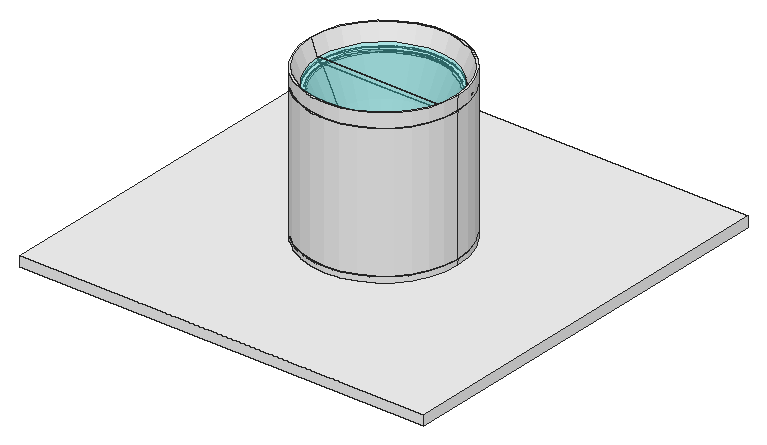
Revit family "BE_24422_de_DE", category Leuchten, Revit 2020
Family settings
  Basisbauteil = Fläche
  Bemaßung runder Anschluss = Durchmesser verwenden
  Teiletyp = Normal
  Beim Laden mit Abzugskörper schneiden = Ja
  Lichtquelle = Ja
  Gemeinsam genutzt = Nein
  Raumberechnungspunkt = Ja
Parameters (values of type "BEGA_24422_Weiß_K4")
  built-in parameter 1150104 = 11.984 (stored number, unit not read)
  Wattage = 24.1 W
  Default Elevation = 0 mm
  built-in parameter 1150113 = 1 (stored number, unit not read)
  built-in parameter 1114218 = 1 (stored number, unit not read)
  Umgebungstemperatur = "25 °C"
  URL = "https://www.bega.com/de/produkt/24422"
  Typenkommentare = "© 2022 BEGA. Wir behalten uns das Recht vor, technische Änderungen ohne vorherige Ankündigung vorzunehmen."  # constant formula
  Type Image = 24422.png
  built-in parameter 1150134 = 12
  built-in parameter 1150109 = 1 (stored number, unit not read)
  Strom = "0,7 A"
  built-in parameter 1150110 = 1 (stored number, unit not read)
  Spannung = 239.996 V
  Sonderanfertigung = no
  Seriennummer [instance] = "Hier können Sie die eindeutige Seriennummer für das Facility Management eintragen."
  Schutzklasse = "I"
  Schutzart = "IP 65"
  Scheinlast = 0 VA
  Produktdatenblatt = "https://cdn.bega.com/bega/products/24422WK4/current/documents/data-sheets/de"
  Oberflächentemperatur = ""
  Neigungswinkel = 0.00°
  Modell = "24422WK4"
  Material_17 = BEGA_Reflektor
  Material_15 = BEGA_Leuchtmedium_matt
  Material_11 = BEGA_Glas_opal
  Material_09 = BEGA_Glas_klar
  Material_06 = BEGA_Oberfläche_Edelstahl_gebürstet
  Material_03 = BEGA_Oberfläche_Weiss_matt
  Material_02 = BEGA_Oberfläche_Silber_matt
  Material_01 [instance] = BEGA_Oberfläche_Grafit_matt
  M_W = yes
  M_G = no
  M_A = no
  Logo = 0
  built-in parameter 1114217 = 1 (stored number, unit not read)
  built-in parameter 1150139 = (empty or 0)
  built-in parameter 1150105 = 247.4 (stored number, unit not read)
  built-in parameter 1150114 = 1 (stored number, unit not read)
  Lumens = 3108.9 lm
  built-in parameter 1150115 = 1 (stored number, unit not read)
  Leuchtenlichtstrom = "2933 lm"
  Leuchtenanzahl = ""
  Lebensdauerkriterien = "L70B50 @ 25 °C = 170000 h"
  Lastklassifizierung = Beleuchtung
  built-in parameter 1150112 = 1 (stored number, unit not read)
  Lampenlichtstrom = "4010 lm"
  Lampe = "LED 24.1 W"
  LED_Modulbezeichnung = "LED-0800/840"
  Hersteller = "BEGA"  # constant formula
  Halbstreuwinkel = ""
  Gewicht = "1.7 kg"
  Gebrauchslageneinschränkung [instance] = ""
  Frequenz = "0/50-60 Hz"
  Farbwiedergabeindex = "CRI > 80"
  Farbtemperaturverschiebung bei Dämpfen der Lampe = <Keine Auswahl>
  Farbtemperatur = "4000 K"
  Color Filter = 16777215
  built-in parameter 1150133 = 10 (stored number, unit not read)
  Energieeffizienzklasse = "LED A++ - A"
  built-in parameter 1150137 = (empty or 0)
  built-in parameter 1150132 = (empty or 0)
  ENEC = "ja"
  Dimmbar [instance] = "DALI"
  Datei für fotometrisches Netz = "BE_24422K4.IES"
  CE_Konformität = "ja"
  Bestellnummer = "24422WK4"
  Beschreibung_Sonderanfertigung = "Hier können Sie Informationen zur Sonderanfertigung eintragen."
  Beschreibung = "Deckenaufbau-Tiefstrahler"
  built-in parameter 1150106 = 2.474 (stored number, unit not read)
  Befestigungsbohrung = "Ø 4,3 mm"
  Befestigungsabstand = "123 mm"
  Ballwurfsicher = ""
  BEGA_Intern_aus = yes
  BEGA_Intern_an = yes
  BEGA_Intern_Konstruktion = yes
  BEGA_Intern = yes
  BEGA_IES = yes
  BEGA_Dummy = no
  Anschlussleitung = ""
  Anschlussleistung [instance] = "27 W"
  Anschlusskasten = ""
  built-in parameter 1150107 = 4000 (stored number, unit not read)
  built-in parameter 1150102 = (empty or 0)
  built-in parameter 1150138 = (empty or 0)
  Aktualisierung = "2022-05-18T04:00:07"
  Abstand_zur_angestrahlten_Fläche [instance] = ""
  AC/DC = "AC/DC"
Types (4, lengths in mm): name | built-in parameter 1150104 | built-in parameter 1150134 | Modell | M_W | M_G | built-in parameter 1150105 | Lumens | Leuchtenlichtstrom | Lampenlichtstrom | LED_Modulbezeichnung | Farbtemperatur | Datei für fotometrisches Netz | Bestellnummer | built-in parameter 1150106 | built-in parameter 1150107
  BEGA_24422_Weiß_K4 | 11.984 (stored number, unit not read) | 12 | "24422WK4" | yes | no | 247.4 (stored number, unit not read) | 3108.9 lm | "2933 lm" | "4010 lm" | "LED-0800/840" | "4000 K" | "BE_24422K4.IES" | "24422WK4" | 2.474 (stored number, unit not read) | 4000 (stored number, unit not read)
  BEGA_24422_Weiß_K3 | 11.706 (stored number, unit not read) | (empty or 0) | "24422WK3" | yes | no | 241.64 (stored number, unit not read) | 3036.6 lm | "2860 lm" | "3910 lm" | "LED-0800/830" | "3000 K" | "BE_24422K3.IES" | "24422WK3" | 2.4164 (stored number, unit not read) | 3000 (stored number, unit not read)
  BEGA_24422_Grafit_K4 | 11.984 (stored number, unit not read) | 12 | "24422K4" | no | yes | 247.4 (stored number, unit not read) | 3108.9 lm | "2933 lm" | "4010 lm" | "LED-0800/840" | "4000 K" | "BE_24422K4.IES" | "24422K4" | 2.474 (stored number, unit not read) | 4000 (stored number, unit not read)
  BEGA_24422_Grafit_K3 | 11.706 (stored number, unit not read) | (empty or 0) | "24422K3" | no | yes | 241.64 (stored number, unit not read) | 3036.6 lm | "2860 lm" | "3910 lm" | "LED-0800/830" | "3000 K" | "BE_24422K3.IES" | "24422K3" | 2.4164 (stored number, unit not read) | 3000 (stored number, unit not read)
Reference planes
  plane 1 "Mitte (Vorne/Hinten)": y = 0
  plane 2: z = 0
  plane 3 "Mitte (Links/Rechts)": x = 0
  plane 4 "Links": x = -73.502
  plane 5 "Rechts": x = 73.5
  plane 6 "Unten": y = -73.507
  plane 7 "Oben": y = 73.524
  plane 8 "Vorne": z = 150.379
  plane 9 "Hinten": z = 0
Forms (mm)
  Extrusion 1, solid, material "BEGA_Platte_Weiss"
    sketch origin (0, -1119.2, 0) x (1, 0, 0) y (0, 1, 0)
      loop
        line (-200, 1319.2) -> (-200, 919.2) -> (200, 919.2) -> (200, 1319.2) -> (-200, 1319.2)
    from 0 to -10
  Extrusion 2, solid, material "BEGA_Dummy_matt", visible <- "BEGA_Dummy"
    sketch origin (77.149, -76.023, 0) x (1, 0, 0) y (0, 1, 0)
      loop
        circle (-77.149, 76.023) r 73.527
    from 0 to 150.379
Dimensions and locks
  plane 1 "Mitte (Vorne/Hinten)" to Extrusion 1 = 200 mm
  aligned and locked: plane 2 to Extrusion 1
  aligned and locked: level to Extrusion 1
Nested families
  nested 1: "BE_24422" at (0, 0, 0), type "BE_24422"
Connectors
  electrical at (0, 0, 0), driven by "Lastklassifizierung", driven by "Spannung", driven by "Scheinlast"
    settings: index 1, voltage 239.996 V, apparent load 0 VA, apparent load phase1 0 VA, apparent load phase2 0 VA, apparent load phase3 0 VA, power factor 1, load classification "Beleuchtung", number of poles 1, system type 31, power factor state 1, is connector primary yes, connector utility no, sub classification motor no, connector description ""
Definition of nested family "BE_24422"
  Parameters (values of type "BE_24422")
    Default Elevation = 1 mm
    URL = "http://www.bega.de/de/produkt"
    Type Comments = "© 2015 BEGA. Wir behalten uns das Recht vor, technische Änderungen ohne vorherige Ankündigung vorzunehmen. "  # constant formula
    Type Image = (empty or 0)
    Neigungswinkel_um_Z2 = 0.00°
    Neigungswinkel_um_Z1 = 0.00°
    Neigungswinkel_um_Y2 = 0.00°
    Neigungswinkel_um_Y1 = 0.00°
    Neigungswinkel_um_X2 = 0.00°
    Neigungswinkel_um_X1 = 0.00°
    Material_17 = none
    Material_15 = none
    Material_11 = none
    Material_09 = none
    Material_06 = none
    Material_03 = none
    Material_02 = none
    Material_01 = none
    M_W = yes
    M_G = yes
    M_A = yes
    Länge_Platte = 200 mm  # constant formula
    Höhe_Platte = -10 mm  # constant formula
    Manufacturer = "BEGA"  # constant formula
    Drehwinkel_um_Z2 = 0.00°
    Drehwinkel_um_Z1 = 0.00°
    Breite_Platte = 200 mm  # constant formula
  Reference planes
    plane 1 "Mitte (Oben/Unten)": y = 0
    plane 2: z = 0
    plane 3 "Mitte (Links/Rechts)": x = 0
    plane 4 "Hinten": z = -40
    plane 5 "Links": x = -73.502
    plane 6 "Oben": y = 73.524
    plane 7 "Unten": y = -73.507
    plane 8: z = 150.2
    plane 9: x = 73.5
  Forms (mm)
    Extrusion 1, solid, detail levels medium
      sketch origin (0, 0, 0) x (1, 0, 0) y (0, 1, 0)
        loop
          line (-100, 100) -> (-100, -100) -> (100, -100) -> (100, 100) -> (-100, 100)
      from 0 to -10 <- "Höhe_Platte"
    Revolve 2, solid, material <- "Material_01", visible <- "M_G"
      sketch origin (0, 0, 0) x (1, 0, 0) y (0, 0, 1)
        loop
          line (-73.5, 136.2) -> (-73.5, 6) -> (-72.592, 6) -> (-71.5, 9) -> (-71.5, 24.964) -> (-63.501, 24.964) -> (-62.435, 55.5) -> (0, 55.5) -> (0, 60.5) -> (-61.52, 60.5) -> (-63.5, 117.2) -> (-71.5, 117.2) -> (-71.5, 133.2) -> (-72.592, 136.2) -> (-73.5, 136.2)
        axis (0, 6) -> (0, 136.2)
      angle from 0 to 360
    Revolve 3, solid, material <- "Material_17"
      sketch origin (0, 0, 0) x (1, 0, 0) y (0, 0, 1)
        loop
          arc (-61.084, 127.6) -> (-45.934, 95.233) -> (-27.286, 64.746) r 321.6
          arc (-27.286, 64.746) -> (-26.772, 64.283) -> (-26.105, 64.1) r 1.5
          line (-26.105, 64.1) -> (-25.035, 64.1) -> (-22.5, 64.1) -> (-22.5, 65.2)
          arc (-22.5, 65.2) -> (-22.646, 65.554) -> (-23, 65.7) r 0.5
          line (-23, 65.7) -> (-25.969, 65.7)
          arc (-25.969, 65.7) -> (-44.763, 96.49) -> (-59.972, 129.2) r 319.974
          line (-59.972, 129.2) -> (-64.916, 129.2) -> (-65, 127.6) -> (-61.084, 127.6)
        axis (0, 64.1) -> (0, 129.2)
      angle from 0 to 360
    Revolve 4, solid, material <- "Material_01", visible <- "M_G"
      sketch origin (0, 0, 0) x (1, 0, 0) y (0, 0, 1)
        loop
          line (-73.5, 150.2) -> (-73.5, 137.217) -> (-71.384, 136.994) -> (-69.5, 133.468) -> (-70.5, 132.891) -> (-70.5, 124.35) -> (-68.578, 123.7) -> (-66.339, 123.7) -> (-66.152, 129.2) -> (-62.553, 129.2)
          arc (-62.553, 129.2) -> (-61.858, 129.481) -> (-61.554, 130.166) r 1
          line (-61.554, 130.166) -> (-61.517, 131.2) -> (-64.965, 131.2) -> (-65, 132.2) -> (-72, 150.2) -> (-73.5, 150.2)
        axis (0, 123.7) -> (0, 150.2)
      angle from 0 to 360
    Revolve 5, solid, material <- "Material_15"
      sketch origin (0, 0, 0) x (1, 0, 0) y (0, 0, 1)
        loop
          line (-16, 60.5) -> (0, 60.5) -> (0, 62.05) -> (-16, 62.05) -> (-16, 60.5)
        axis (0, 60.5) -> (0, 62.05)
      angle from 0 to 360
    Revolve 6, solid, material <- "Material_09"
      sketch origin (0, 0, 0) x (1, 0, 0) y (0, 0, 1)
        loop
          line (-64.5, 135.8) -> (-64.5, 131.7) -> (0, 131.7) -> (0, 135.8) -> (-64.5, 135.8)
        axis (0, 131.7) -> (0, 135.8)
      angle from 0 to 360
    Revolve 7, solid, material <- "Material_03", visible <- "M_W"
      sketch origin (0, 0, 0) x (1, 0, 0) y (0, 0, 1)
        loop
          line (-73.5, 136.2) -> (-73.5, 6) -> (-72.592, 6) -> (-71.5, 9) -> (-71.5, 24.964) -> (-63.501, 24.964) -> (-62.435, 55.5) -> (0, 55.5) -> (0, 60.5) -> (-61.52, 60.5) -> (-63.5, 117.2) -> (-71.5, 117.2) -> (-71.5, 133.2) -> (-72.592, 136.2) -> (-73.5, 136.2)
        axis (0, 6) -> (0, 136.2)
      angle from 0 to 360
    Revolve 8, solid, material <- "Material_03", visible <- "M_W"
      sketch origin (0, 0, 0) x (1, 0, 0) y (0, 0, 1)
        loop
          line (-73.5, 150.2) -> (-73.5, 137.217) -> (-71.384, 136.994) -> (-69.5, 133.468) -> (-70.5, 132.891) -> (-70.5, 124.35) -> (-68.578, 123.7) -> (-66.339, 123.7) -> (-66.152, 129.2) -> (-62.553, 129.2)
          arc (-62.553, 129.2) -> (-61.858, 129.481) -> (-61.554, 130.166) r 1
          line (-61.554, 130.166) -> (-61.517, 131.2) -> (-64.965, 131.2) -> (-65, 132.2) -> (-72, 150.2) -> (-73.5, 150.2)
        axis (0, 123.7) -> (0, 150.2)
      angle from 0 to 360
    Revolve 9, solid, material <- "Material_01", visible <- "M_G"
      sketch origin (0, 0, 0) x (1, 0, 0) y (0, 0, 1)
        loop
          line (-66.29, 17) -> (0, 17) -> (0, 20) -> (-70.5, 20) -> (-70.5, 5.299) -> (-73.502, 4.983) -> (-73.502, 0) -> (-66.884, 0) -> (-66.29, 17)
        axis (0, 0) -> (0, 20)
      angle from 0 to 360
    Extrusion 10, solid, material <- "Material_01", visible <- "M_G"
      sketch origin (0, 0, 0) x (1, 0, 0) y (0, 1, 0)
        loop
          circle (-61.5, 0) r 2.233
        loop
          circle (-61.5, 0) r 6.309
        loop
          circle (61.5, 0) r 2.233
        loop
          circle (61.5, 0) r 6.309
      from 0 to 24.964
    Revolve 11, solid, material <- "Material_03", visible <- "M_W"
      sketch origin (0, 0, 0) x (1, 0, 0) y (0, 0, 1)
        loop
          line (-66.29, 17) -> (0, 17) -> (0, 20) -> (-70.5, 20) -> (-70.5, 5.299) -> (-73.502, 4.983) -> (-73.502, 0) -> (-66.884, 0) -> (-66.29, 17)
        axis (0, 0) -> (0, 20)
      angle from 0 to 360
    Extrusion 12, solid, material <- "Material_03", visible <- "M_W"
      sketch origin (0, 0, 0) x (1, 0, 0) y (0, 1, 0)
        loop
          circle (-61.5, 0) r 2.233
        loop
          circle (-61.5, 0) r 6.309
        loop
          circle (61.5, 0) r 2.233
        loop
          circle (61.5, 0) r 6.309
      from 0 to 24.964
    Extrusion 13, void
      sketch origin (0, 0, 0) x (1, 0, 0) y (0, 1, 0)
        loop
          circle (-20, -46) r 7.197
        loop
          circle (-20, 46) r 7.197
      from 0 to 24.964
  Cuts and joins
    Extrusion 13 cuts Revolve 9
    Extrusion 13 cuts Extrusion 10
    joined: Revolve 9, Extrusion 10
    Extrusion 13 cuts Revolve 11
    Extrusion 13 cuts Extrusion 12
    joined: Revolve 11, Extrusion 12
    Extrusion 13 cuts Revolve 2
    Extrusion 13 cuts Revolve 3
    Extrusion 13 cuts Revolve 6
    Extrusion 13 cuts Revolve 7
  Dimensions and locks
    equal spacing: Extrusion 1 sketch curve, plane 3 "Mitte (Links/Rechts)", Extrusion 1 sketch curve
    equal spacing: Extrusion 1 sketch curve, plane 1 "Mitte (Oben/Unten)", Extrusion 1 sketch curve
    "Länge_Platte": Extrusion 1 sketch curve to Extrusion 1 sketch curve
    "Breite_Platte": Extrusion 1 sketch curve to Extrusion 1 sketch curve
    aligned and locked: plane 2 to Extrusion 1
    aligned and locked: level to Extrusion 1
  Automatic sketch dimensions
    Revolve 2 sketch curve to plane 3 "Mitte (Links/Rechts)" = 0 mm  (x2)
    Revolve 2 sketch curve to plane 3 "Mitte (Links/Rechts)" = 61.52 mm
    Revolve 2 sketch curve to Revolve 2 sketch curve = 0.915 mm
    Revolve 2 sketch curve to Revolve 2 sketch curve = 1.98 mm
    Revolve 2 sketch curve to Revolve 2 sketch curve = 1.066 mm
    level to Revolve 2 sketch curve = 9 mm
    Revolve 2 sketch curve to Revolve 2 sketch curve = 7.999 mm
    Revolve 2 sketch curve to Revolve 2 sketch curve = 8 mm
    Revolve 2 sketch curve to Revolve 2 sketch curve = 1.092 mm  (x2)
    level to Revolve 2 sketch curve = 6 mm
    Revolve 2 sketch curve to Revolve 2 sketch curve = 0.908 mm
    Revolve 2 sketch curve to Revolve 2 sketch curve = 15.964 mm
    level to Revolve 2 sketch curve = 55.5 mm
    Revolve 2 sketch curve to Revolve 2 sketch curve = 5 mm
    Revolve 2 sketch curve to Revolve 2 sketch curve = 56.7 mm
    Revolve 2 sketch curve to Revolve 2 sketch curve = 16 mm
    Revolve 2 sketch curve to Revolve 2 sketch curve = 3 mm
    Revolve 2 sketch curve to Revolve 2 sketch curve = 38.059 mm
    Revolve 2 sketch curve to Revolve 2 sketch curve = 10 mm
    Revolve 3 sketch curve to Revolve 3 sketch curve = 0 mm  (x4)
    Revolve 3 sketch curve to plane 3 "Mitte (Links/Rechts)" = 0 mm
    Revolve 3 sketch curve to plane 3 "Mitte (Links/Rechts)" = 22.5 mm
    Revolve 3 sketch curve to Revolve 3 sketch curve = 0.5 mm
    Revolve 3 sketch curve to Revolve 3 sketch curve = 2.035 mm
    Revolve 3 sketch curve to Revolve 3 sketch curve = 1.07 mm
    Revolve 3 sketch curve to plane 3 "Mitte (Links/Rechts)" = 59.972 mm
    Revolve 3 sketch curve to Revolve 3 sketch curve = 1.111 mm
    Revolve 3 sketch curve to Revolve 3 sketch curve = 3.833 mm
    Revolve 3 sketch curve to Revolve 3 sketch curve = 0.084 mm
    Revolve 3 sketch curve to Revolve 3 sketch curve = 1.1 mm
    Revolve 3 sketch curve to Revolve 3 sketch curve = 1.6 mm
    Revolve 3 sketch curve to Revolve 3 sketch curve = 2.969 mm
    Revolve 3 sketch curve to Revolve 3 sketch curve = 36.359 mm
    Revolve 3 sketch curve to Revolve 3 sketch curve = 5 mm
    Revolve 3 sketch curve to Revolve 3 sketch curve = 0.054 mm
    Revolve 3 sketch curve to Revolve 3 sketch curve = 1.499 mm
    Revolve 3 sketch curve to Revolve 3 sketch curve = 20.541 mm
    Revolve 4 sketch curve to plane 3 "Mitte (Links/Rechts)" = 0 mm
    Revolve 4 sketch curve to plane 3 "Mitte (Links/Rechts)" = 61.517 mm
    Revolve 4 sketch curve to Revolve 4 sketch curve = 0.036 mm
    Revolve 4 sketch curve to Revolve 4 sketch curve = 0.999 mm
    Revolve 4 sketch curve to Revolve 4 sketch curve = 2.412 mm
    Revolve 4 sketch curve to Revolve 4 sketch curve = 0.035 mm
    Revolve 4 sketch curve to Revolve 4 sketch curve = 1.187 mm
    Revolve 4 sketch curve to Revolve 4 sketch curve = 0.187 mm
    Revolve 4 sketch curve to Revolve 4 sketch curve = 2.239 mm
    Revolve 4 sketch curve to Revolve 4 sketch curve = 4.5 mm
    Revolve 4 sketch curve to Revolve 4 sketch curve = 1 mm  (x2)
    Revolve 4 sketch curve to Revolve 4 sketch curve = 1.884 mm
    Revolve 4 sketch curve to Revolve 4 sketch curve = 0.616 mm
    Revolve 4 sketch curve to Revolve 4 sketch curve = 2.116 mm
    Revolve 4 sketch curve to Revolve 4 sketch curve = 0.65 mm
    Revolve 4 sketch curve to Revolve 4 sketch curve = 5.5 mm
    Revolve 4 sketch curve to Revolve 4 sketch curve = 0.966 mm
    Revolve 4 sketch curve to Revolve 4 sketch curve = 1.034 mm
    Revolve 4 sketch curve to Revolve 4 sketch curve = 0.691 mm
    Revolve 4 sketch curve to Revolve 4 sketch curve = 0.577 mm
    Revolve 4 sketch curve to Revolve 4 sketch curve = 3.526 mm
    Revolve 4 sketch curve to Revolve 4 sketch curve = 0.222 mm
    Revolve 4 sketch curve to Revolve 4 sketch curve = 12.983 mm
    Revolve 4 sketch curve to Revolve 4 sketch curve = 10 mm
    Revolve 5 sketch curve to plane 3 "Mitte (Links/Rechts)" = 0 mm  (x2)
    Revolve 5 sketch curve to Revolve 5 sketch curve = 16 mm
    Revolve 5 sketch curve to Revolve 5 sketch curve = 0 mm
    level to Revolve 5 sketch curve = 60.5 mm
    Revolve 5 sketch curve to Revolve 5 sketch curve = 1.55 mm
    Revolve 5 sketch curve to Revolve 5 sketch curve = 10.335 mm
    Revolve 5 sketch curve to Revolve 5 sketch curve = 2.718 mm
    Revolve 6 sketch curve to plane 3 "Mitte (Links/Rechts)" = 0 mm  (x2)
    Revolve 6 sketch curve to Revolve 6 sketch curve = 64.5 mm
    Revolve 6 sketch curve to Revolve 6 sketch curve = 4.1 mm
    Revolve 6 sketch curve to Revolve 6 sketch curve = 20 mm
    Revolve 6 sketch curve to Revolve 6 sketch curve = 17.052 mm
    Revolve 7 sketch curve to plane 3 "Mitte (Links/Rechts)" = 0 mm  (x2)
    Revolve 7 sketch curve to plane 3 "Mitte (Links/Rechts)" = 61.52 mm
    Revolve 7 sketch curve to Revolve 7 sketch curve = 0.915 mm
    Revolve 7 sketch curve to Revolve 7 sketch curve = 1.98 mm
    Revolve 7 sketch curve to Revolve 7 sketch curve = 1.066 mm
    level to Revolve 7 sketch curve = 9 mm
    Revolve 7 sketch curve to Revolve 7 sketch curve = 7.999 mm
    Revolve 7 sketch curve to Revolve 7 sketch curve = 8 mm
    Revolve 7 sketch curve to Revolve 7 sketch curve = 1.092 mm  (x2)
    level to Revolve 7 sketch curve = 6 mm
    Revolve 7 sketch curve to Revolve 7 sketch curve = 0.908 mm
    Revolve 7 sketch curve to Revolve 7 sketch curve = 15.964 mm
    level to Revolve 7 sketch curve = 55.5 mm
    Revolve 7 sketch curve to Revolve 7 sketch curve = 5 mm
    Revolve 7 sketch curve to Revolve 7 sketch curve = 56.7 mm
    Revolve 7 sketch curve to Revolve 7 sketch curve = 16 mm
    Revolve 7 sketch curve to Revolve 7 sketch curve = 3 mm
    Revolve 7 sketch curve to Revolve 7 sketch curve = 38.059 mm
    Revolve 7 sketch curve to Revolve 7 sketch curve = 10 mm
    Revolve 8 sketch curve to plane 3 "Mitte (Links/Rechts)" = 0 mm
    Revolve 8 sketch curve to plane 3 "Mitte (Links/Rechts)" = 61.517 mm
    Revolve 8 sketch curve to Revolve 8 sketch curve = 0.036 mm
    Revolve 8 sketch curve to Revolve 8 sketch curve = 0.999 mm
    Revolve 8 sketch curve to Revolve 8 sketch curve = 2.412 mm
    Revolve 8 sketch curve to Revolve 8 sketch curve = 0.035 mm
    Revolve 8 sketch curve to Revolve 8 sketch curve = 1.187 mm
    Revolve 8 sketch curve to Revolve 8 sketch curve = 0.187 mm
    Revolve 8 sketch curve to Revolve 8 sketch curve = 2.239 mm
    Revolve 8 sketch curve to Revolve 8 sketch curve = 4.5 mm
    Revolve 8 sketch curve to Revolve 8 sketch curve = 1 mm  (x2)
    Revolve 8 sketch curve to Revolve 8 sketch curve = 1.884 mm
    Revolve 8 sketch curve to Revolve 8 sketch curve = 0.616 mm
    Revolve 8 sketch curve to Revolve 8 sketch curve = 2.116 mm
    Revolve 8 sketch curve to Revolve 8 sketch curve = 0.65 mm
    Revolve 8 sketch curve to Revolve 8 sketch curve = 5.5 mm
    Revolve 8 sketch curve to Revolve 8 sketch curve = 0.966 mm
    Revolve 8 sketch curve to Revolve 8 sketch curve = 1.034 mm
    Revolve 8 sketch curve to Revolve 8 sketch curve = 0.691 mm
    Revolve 8 sketch curve to Revolve 8 sketch curve = 0.577 mm
    Revolve 8 sketch curve to Revolve 8 sketch curve = 3.526 mm
    Revolve 8 sketch curve to Revolve 8 sketch curve = 0.222 mm
    Revolve 8 sketch curve to Revolve 8 sketch curve = 12.983 mm
    Revolve 8 sketch curve to Revolve 8 sketch curve = 10 mm
    level to Revolve 3 sketch curve = 64.1 mm
    level to Revolve 4 sketch curve = 123.7 mm
    Revolve 4 sketch curve to Revolve 4 sketch curve = 21.001 mm
    level to Revolve 6 sketch curve = 131.7 mm
    level to Revolve 8 sketch curve = 123.7 mm
    Revolve 8 sketch curve to Revolve 8 sketch curve = 21.001 mm
    plane 3 "Mitte (Links/Rechts)" to Revolve 3 sketch curve = 237.314 mm
    Revolve 9 sketch curve to level = 0 mm
    Revolve 9 sketch curve to plane 5 "Links" = 0 mm
    Revolve 9 sketch curve to plane 3 "Mitte (Links/Rechts)" = 0 mm  (x2)
    plane 5 "Links" to Revolve 9 sketch curve = 3.003 mm
    Revolve 9 sketch curve to Revolve 9 sketch curve = 3.616 mm
    Revolve 9 sketch curve to Revolve 9 sketch curve = 4.21 mm
    Revolve 9 sketch curve to Revolve 9 sketch curve = 4.983 mm
    Revolve 9 sketch curve to Revolve 9 sketch curve = 0.316 mm
    Revolve 9 sketch curve to Revolve 9 sketch curve = 11.701 mm
    Revolve 9 sketch curve to Revolve 9 sketch curve = 3 mm
    Revolve 9 sketch curve to Revolve 9 sketch curve = 7.056 mm
    Revolve 9 sketch curve to Revolve 9 sketch curve = 11.305 mm
    Extrusion 10 sketch curve to Extrusion 10 sketch curve = 0 mm  (x4)
    plane 1 "Mitte (Oben/Unten)" to Extrusion 10 sketch curve = 0 mm  (x2)
    plane 5 "Links" to Extrusion 10 sketch curve = 12.002 mm
    Extrusion 10 sketch curve to plane 9 = 12 mm
    Revolve 11 sketch curve to level = 0 mm
    Revolve 11 sketch curve to plane 5 "Links" = 0 mm
    Revolve 11 sketch curve to plane 3 "Mitte (Links/Rechts)" = 0 mm  (x2)
    plane 5 "Links" to Revolve 11 sketch curve = 3.003 mm
    Revolve 11 sketch curve to Revolve 11 sketch curve = 3.616 mm
    Revolve 11 sketch curve to Revolve 11 sketch curve = 4.21 mm
    Revolve 11 sketch curve to Revolve 11 sketch curve = 4.983 mm
    Revolve 11 sketch curve to Revolve 11 sketch curve = 0.316 mm
    Revolve 11 sketch curve to Revolve 11 sketch curve = 11.701 mm
    Revolve 11 sketch curve to Revolve 11 sketch curve = 3 mm
    Revolve 11 sketch curve to Revolve 11 sketch curve = 7.056 mm
    Revolve 11 sketch curve to Revolve 11 sketch curve = 11.305 mm
    Extrusion 12 sketch curve to Extrusion 12 sketch curve = 0 mm  (x4)
    plane 1 "Mitte (Oben/Unten)" to Extrusion 12 sketch curve = 0 mm  (x2)
    plane 5 "Links" to Extrusion 12 sketch curve = 12.002 mm
    Extrusion 12 sketch curve to plane 9 = 12 mm
    radius of Extrusion 10 sketch curve = 2.233 mm  (x2)
    radius of Extrusion 10 sketch curve = 6.309 mm  (x2)
    radius of Extrusion 12 sketch curve = 2.233 mm  (x2)
    radius of Extrusion 12 sketch curve = 6.309 mm  (x2)
